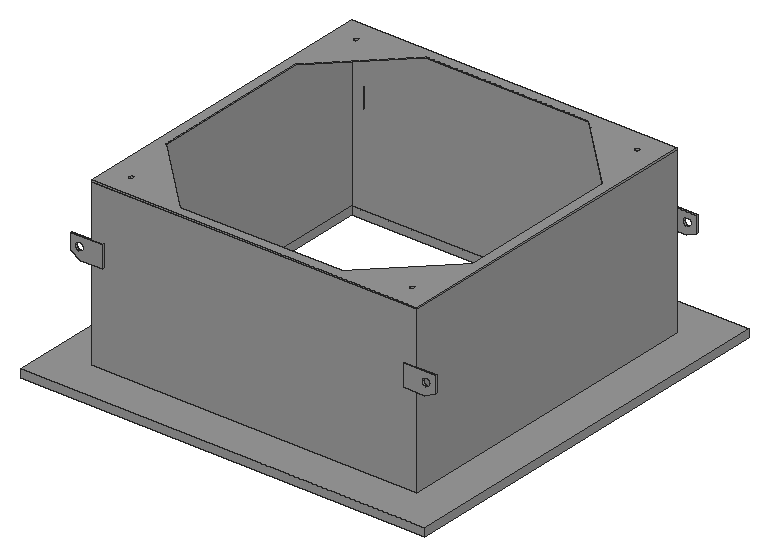
Revit family "РКВ_І 630_1100", category Арматура воздуховодов, Revit 2021
Family settings
  Размер круглого соединителя = Использовать диаметр
  Тип детали = Присоединяется
  На основе рабочей плоскости = Нет
  Всегда вертикально = Да
  При загрузке вырезать с полостями = Нет
  Общий = Нет
Parameters (values of type "РКВІ 900")
  Фаска = Ln / 4  # 304.25 mm
  Отметка по умолчанию = 0 mm
  Описание = "Ізольована"
  Изготовитель = "Вентс"  # constant formula
  URL = "https://vents.ua/ua/series/rkvi#downloads"
  L2 = Ln / 2  # 608.5 mm
  B2 = L / 2 - 43 mm  # 563 mm
  Вес = "113 кг"
  Maintenance zone material = none
  Load Classification = "HVAC"
  L = 1212 mm
  H = 650 mm
  Ln = L + 5 mm  # 1217 mm
  Casing Material = Металл, окрашенный, синий, матовый RAL 5007
  B1 = 1150 mm
  L1 = 1050 mm
  B = 1512 mm
  09_System_Name [instance] = ""
  00_20_Type = "РКВІ 900"
  00_20_Name = "Монтажна рама"
  00_20_Manufacturer = "Вентс"  # constant formula
Types (13, lengths in mm): name | Фаска | Описание | URL | L2 | B2 | Вес | L | H | Ln | B1 | L1 | B | 00_20_Type
  (no name) | 304.25 | "Ізольована" | "https://vents.ua/ua/series/rkvi#downloads" | 608.5 | 563 | "113 кг" | 1212 | 650 | 1217 | 1150 | 1050 | 1512 | "РКВІ 900"
  РКВ 630 | 229.25 | 0 | "https://vents.ua/ua/series/rkv" | 458.5 | 413 | "65.9 кг" | 912 | 600 | 917 | 852 | 750 | 1212 | "РКВ 630"
  РКВ 710 | 241.75 | 0 | "https://vents.ua/ua/series/rkv" | 483.5 | 438 | "68.5 кг" | 962 | 600 | 967 | 902 | 840 | 1262 | "РКВ 710"
  РКВ 900 | 304.25 | 0 | "https://vents.ua/ua/series/rkv" | 608.5 | 563 | "85.7 кг" | 1212 | 650 | 1217 | 1152 | 1050 | 1512 | "РКВ 900"
  РКВ 1000 | 354.25 | 0 | "https://vents.ua/ua/series/rkv" | 708.5 | 663 | "103.7 кг" | 1412 | 730 | 1417 | 1352 | 1240 | 1712 | "РКВ 1000"
  РКВ 1100 | 354.25 | 0 | "https://vents.ua/ua/series/rkv" | 708.5 | 663 | "103.7 кг" | 1412 | 730 | 1417 | 1352 | 1240 | 1712 | "РКВ 1100"
  РКВ 800 | 241.75 | 0 | "https://vents.ua/ua/series/rkv" | 483.5 | 438 | "68.5 кг" | 962 | 600 | 967 | 902 | 840 | 1262 | "РКВ 800"
  РКВІ 1000 | 354.25 | "Ізольована" | "https://vents.ua/ua/series/rkvi#downloads" | 708.5 | 663 | "140.6 кг" | 1412 | 730 | 1417 | 1350 | 1240 | 1712 | "РКВІ 1000"
  РКВІ 1100 | 354.25 | "Ізольована" | "https://vents.ua/ua/series/rkvi#downloads" | 708.5 | 663 | "140.6 кг" | 1412 | 730 | 1417 | 1350 | 1240 | 1712 | "РКВІ 1100"
  РКВІ 630 | 229.25 | "Ізольована" | "https://vents.ua/ua/series/rkvi#downloads" | 458.5 | 413 | "85.5 кг" | 912 | 600 | 917 | 850 | 750 | 1212 | "РКВІ 630"
  РКВІ 710 | 241.75 | "Ізольована" | "https://vents.ua/ua/series/rkvi#downloads" | 483.5 | 438 | "89 кг" | 962 | 600 | 967 | 900 | 840 | 1262 | "РКВІ 710"
  РКВІ 800 | 241.75 | "Ізольована" | "https://vents.ua/ua/series/rkvi#downloads" | 483.5 | 438 | "89 кг" | 962 | 600 | 967 | 900 | 840 | 1262 | "РКВІ 800"
  РКВІ 900 | 304.25 | "Ізольована" | "https://vents.ua/ua/series/rkvi#downloads" | 608.5 | 563 | "113 кг" | 1212 | 650 | 1217 | 1150 | 1050 | 1512 | "РКВІ 900"
Reference planes
  plane 1 "По центру (Вперед/Назад)": y = 0
  plane 2: z = 0
  plane 3 "По центру (Влево/Вправо)": x = 0
  plane 4: y = 525
  plane 5: y = -525
  plane 6: x = -525
  plane 7: x = 525
  plane 8: z = 650
Forms (mm)
  Extrusion 1, solid, material "Металл, окрашенный, синий, матовый RAL 5007" <- "Casing Material"
    sketch origin (0, 0, 0) x (1, 0, 0) y (0, 1, 0)
      loop
        line (-756, 756) -> (-756, -756) -> (756, -756) -> (756, 756) -> (-756, 756)
      loop
        line (-606, 606) -> (-606, -606) -> (606, -606) -> (606, 606) -> (-606, 606)
    from 0 to 30
  Extrusion 2, solid, material "Металл, окрашенный, синий, матовый RAL 5007" <- "Casing Material"
    sketch origin (0, 0, 0) x (1, 0, 0) y (0, 1, 0)
      loop
        line (-608.5, 608.5) -> (-608.5, -608.5) -> (608.5, -608.5) -> (608.5, 608.5) -> (-608.5, 608.5)
      loop
        line (-606, 606) -> (-606, -606) -> (606, -606) -> (606, 606) -> (-606, 606)
    from 30 to 645
  Extrusion 3, solid, material "Металл, окрашенный, синий, матовый RAL 5007" <- "Casing Material"
    sketch origin (0, 0, 0) x (1, 0, 0) y (0, 1, 0)
      loop
        line (-608.5, 608.5) -> (-608.5, -608.5) -> (608.5, -608.5) -> (608.5, 608.5) -> (-608.5, 608.5)
      loop
        line (-304.25, 575) -> (-575, 304.25) -> (-575, -304.25) -> (-304.25, -575) -> (304.25, -575) -> (575, -304.25) -> (575, 304.25) -> (304.25, 575) -> (-304.25, 575)
      loop
        circle (-525, 525) r 8
      loop
        circle (525, 525) r 8
      loop
        circle (525, -525) r 8
      loop
        circle (-525, -525) r 8
    from 645 to 650
Dimensions and locks
  equal spacing: Extrusion 1 sketch curve, plane 3 "По центру (Влево/Вправо)", Extrusion 1 sketch curve  (x2)
  "B": Extrusion 1 sketch curve to Extrusion 1 sketch curve  (x2)
  equal spacing: Extrusion 1 sketch curve, plane 1 "По центру (Вперед/Назад)", Extrusion 1 sketch curve  (x2)
  equal spacing: Extrusion 2 sketch curve, plane 3 "По центру (Влево/Вправо)", Extrusion 2 sketch curve  (x2)
  equal spacing: Extrusion 2 sketch curve, plane 1 "По центру (Вперед/Назад)", Extrusion 2 sketch curve  (x2)
  "Ln": Extrusion 2 sketch curve to Extrusion 2 sketch curve  (x2)
  "L": Extrusion 2 sketch curve to Extrusion 2 sketch curve  (x2)
  "L": Extrusion 1 sketch curve to Extrusion 1 sketch curve  (x2)
  equal spacing: Extrusion 3 sketch curve, plane 1 "По центру (Вперед/Назад)", Extrusion 3 sketch curve  (x2)
  "Ln": Extrusion 3 sketch curve to Extrusion 3 sketch curve  (x2)
  equal spacing: Extrusion 3 sketch curve, plane 3 "По центру (Влево/Вправо)", Extrusion 3 sketch curve  (x2)
  "Фаска": Extrusion 3 sketch curve to Extrusion 3 sketch curve  (x8)
  equal spacing: plane 4, plane 1 "По центру (Вперед/Назад)", plane 5
  "L1": plane 4 to plane 5
  equal spacing: plane 6, plane 3 "По центру (Влево/Вправо)", plane 7
  "L1": plane 6 to plane 7
  "H": level to plane 8
  locked: Extrusion 3 to plane 8 at 5
  "B1": Extrusion 3 sketch curve to Extrusion 3 sketch curve  (x2)
  "B2": nested 4 to plane 3 "По центру (Влево/Вправо)"
  "B2": plane 3 "По центру (Влево/Вправо)" to nested 2
  "B2": nested 3 to plane 3 "По центру (Влево/Вправо)"
  "B2": plane 3 "По центру (Влево/Вправо)" to nested 1
  "L2": plane 1 "По центру (Вперед/Назад)" to nested 4
  "L2": nested 3 to plane 1 "По центру (Вперед/Назад)"
  "L2": plane 1 "По центру (Вперед/Назад)" to nested 2
  "L2": nested 1 to plane 1 "По центру (Вперед/Назад)"
  aligned and locked: level to plane 2
  aligned and locked: plane 8 to Extrusion 3
  aligned and locked: Extrusion 2 to Extrusion 3
Automatic sketch dimensions
  Extrusion 3 sketch curve to plane 5 = 0 mm  (x2)
  Extrusion 3 sketch curve to plane 6 = 0 mm  (x2)
  Extrusion 3 sketch curve to plane 4 = 0 mm  (x2)
  Extrusion 3 sketch curve to plane 7 = 0 mm  (x2)
  radius of Extrusion 3 sketch curve = 8 mm  (x4)
Nested families
  nested 1: "Монтажное ухо_1" at (563, -608.5, 370), type "Монтажное ухо_1"
  nested 2: "Монтажное ухо_1" at (563, 608.5, 370), type "Монтажное ухо_1"
  nested 3: "Монтажное ухо_1" at (-563, -608.5, 370) x (-1, 0, 0) z (0, 0, 1), type "Монтажное ухо_1"
  nested 4: "Монтажное ухо_1" at (-563, 608.5, 370) x (-1, 0, 0) z (0, 0, 1), type "Монтажное ухо_1"
Definition of nested family "Монтажное ухо_1"
  Parameters (values of type "Монтажное ухо_1")
    Фаска = 229.25 mm
    Default Elevation = 0 mm
    Ln = 917 mm
    L1 = 750 mm
    Casing Material = none
    B1 = 852 mm
  Reference planes
    plane 1 "По центру (Вперед/Назад)": y = 0
    plane 2: z = 0
    plane 3 "По центру (Влево/Вправо)": x = 0
  Forms (mm)
    Extrusion 1, solid
      sketch origin (0, 0, 0) x (1, 0, 0) y (0, 0, 1)
        loop
          line (120, 80) -> (0, 80) -> (0, 0) -> (80, 0) -> (120, 20) -> (120, 80)
        loop
          circle (85, 45) r 15
      from 0 to 5
  Dimensions and locks
    aligned and locked: level to plane 2
